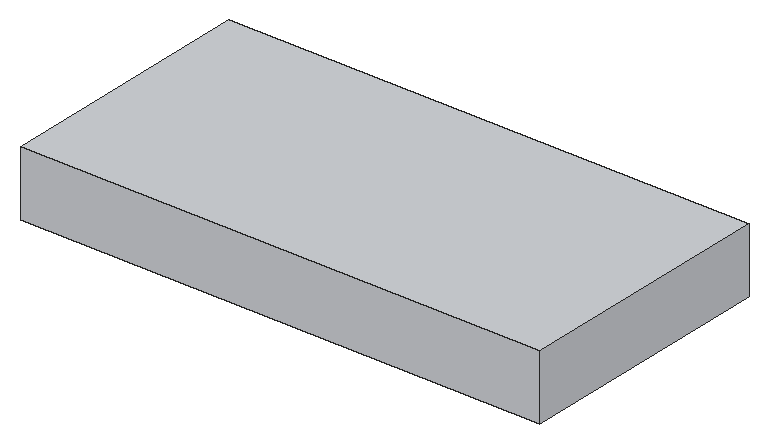
Revit family "Family1", category Generic Models, Revit 2016
Family settings
  Part Type = Normal
  Can host rebar = No
  Round Connector Dimension = Use Diameter
  Work Plane-Based = No
  Always vertical = Yes
  Cut with Voids When Loaded = No
  Shared = No
  Room Calculation Point = No
Parameters (values of type "Type 1")
  Width = 2000 mm
  Modified Issue = "Date reverse order when familiy created or modified i.e. 120816"  # constant formula
  Height = 1000 mm
  Depth = 1000 mm
  Copyright = "BVN"  # constant formula
  Author = " Your 2 initials - i.e. BG "  # constant formula
Reference planes
  plane 1 "Center (Front/Back)": y = 0
  plane 2: z = 0
  plane 3 "Center (Left/Right)": x = 0
  plane 4 "Left": x = -1000
  plane 5 "Right": x = 1000
  plane 6 "Back": y = 500
  plane 7 "Front": y = -500
  plane 8 "Top": z = 1000
Forms (mm)
  Extrusion 1, solid
    sketch origin (0, 0, 0) x (1, 0, 0) y (0, 1, 0)
      loop
        line (-1000, 500) -> (-1000, -500) -> (1000, -500) -> (1000, 500) -> (-1000, 500)
    from 0 to 250
Text (mm)
  text "FRONT" at (-3551.348, -1281.799, 0), in view "Ref. Level"
Dimensions and locks
  equal spacing: plane 4 "Left", plane 3 "Center (Left/Right)", plane 5 "Right"
  equal spacing: plane 6 "Back", plane 1 "Center (Front/Back)", plane 7 "Front"
  "Depth": plane 6 "Back" to plane 7 "Front"
  "Width": plane 4 "Left" to plane 5 "Right"
  "Height": plane 8 "Top" to plane 2
  aligned and locked: level to plane 2
Automatic sketch dimensions
  Extrusion 1 sketch curve to plane 4 "Left" = 0 mm
  Extrusion 1 sketch curve to plane 5 "Right" = 0 mm
  Extrusion 1 sketch curve to plane 7 "Front" = 0 mm
  Extrusion 1 sketch curve to plane 6 "Back" = 0 mm
